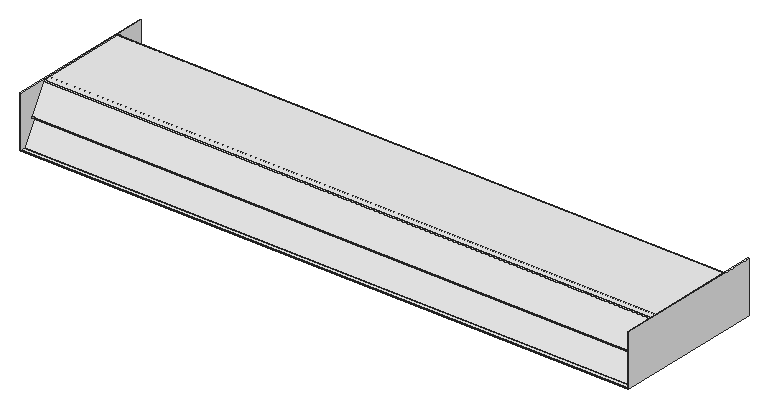
Revit family "RVL1x4", category Lighting Fixtures, host Ceiling, Revit 2019
Family settings
  Host = Ceiling
  Round Connector Dimension = Use Diameter
  Part Type = Normal
  OmniClass Number = 23.80.70.11.14.17
  OmniClass Title = Direct/Indirect
  Always vertical = Yes
  Cut with Voids When Loaded = No
  Light Source = Yes
  Shared = No
  Room Calculation Point = No
Parameters (values of type "RVL1X4-LED840K050LUNV")
  Width = 0' - 11 3/4"
  Wattage = 40.9426 W
  built-in parameter 1150110 = 1 (stored number, unit not read)
  Voltage = 120 V
  URL = "https://www.viscor.com/en/products/bvl"
  built-in parameter 1114217 = 0.9 (stored number, unit not read)
  Tilt Angle = 90.00°
  built-in parameter 1150109 = 1 (stored number, unit not read)
  built-in parameter 1150134 = 12
  built-in parameter 1150113 = 1 (stored number, unit not read)
  Photometric Web File = "RVL1X4-LED840K050LUNV.ies"
  Model = "RVL"  # constant formula
  Manufacturer = "VISIONEERING by VISCOR"  # constant formula
  Lumens = 4995 lm
  built-in parameter 1150115 = 1 (stored number, unit not read)
  built-in parameter 1150105 = 397.49 (stored number, unit not read)
  built-in parameter 1150137 = (empty or 0)
  built-in parameter 1150139 = (empty or 0)
  Lens Finish = Acrylic - Viscor - Frosted White
  Lens Depth = 0' - 0 1/32"
  Length = 3' - 11 3/4"
  Lamp Wattage = 41 VA
  built-in parameter 1150112 = 1 (stored number, unit not read)
  built-in parameter 1150114 = 1 (stored number, unit not read)
  Lamp = "LED"  # constant formula
  built-in parameter 1150132 = 2
  built-in parameter 1150102 = (empty or 0)
  built-in parameter 1150138 = (empty or 0)
  built-in parameter 1150107 = 4000 (stored number, unit not read)
  built-in parameter 1150106 = 3.9749 (stored number, unit not read)
  Housing Finish = Metal - Viscor - White
  Emit from Rectangle Width = Width  # 0' - 11 3/4"
  Emit from Rectangle Length = Length  # 3' - 11 3/4"
  Emit from Rectangle Height = Lens Depth  # 0' - 0 1/32"
  Emit Shape Visible in Rendering = no
  built-in parameter 1150104 = 11.334 (stored number, unit not read)
  Dimming Lamp Color Temperature Shift = <None>
  Description = "Architectural Premium-Grade, Recessed, Lay-In T-Bar Troffer"  # constant formula
  Color Filter = 16777215
  built-in parameter 1114218 = 1 (stored number, unit not read)
  built-in parameter 1150133 = 10 (stored number, unit not read)
  Assembly Code = "D5020200"
  Apparent Load = Lamp Wattage  # 41 VA
Types (5): name | Wattage | URL | Photometric Web File | Lumens | built-in parameter 1150105 | Lamp Wattage | built-in parameter 1150132 | built-in parameter 1150106 | built-in parameter 1150104 | Apparent Load
  (no name) | 40.9426 W | "https://www.viscor.com/en/products/bvl" | "RVL1X4-LED840K050LUNV.ies" | 4995 lm | 397.49 (stored number, unit not read) | 41 VA | 2 | 3.9749 (stored number, unit not read) | 11.334 (stored number, unit not read) | 41 VA
  RVL1X4-LED840K050LUNV | 40.9426 W | "https://www.viscor.com/en/products/bvl" | "RVL1X4-LED840K050LUNV.ies" | 4995 lm | 397.49 (stored number, unit not read) | 41 VA | 2 | 3.9749 (stored number, unit not read) | 11.334 (stored number, unit not read) | 41 VA
  RVL1X4-LED840K025LUNV | 19.9449 W | "https://www.viscor.com/en/products/bvl" | "RVL1X4-LED840K025LUNV.ies" | 2533 lm | 201.57 (stored number, unit not read) | 20 VA | 2 | 2.0157 (stored number, unit not read) | 11.799 (stored number, unit not read) | 20 VA
  RVL1X4-LED840K035LUNV | 28 W | "https://www.viscor.com/en/products/bvl" | "RVL1X4-LED840K035LUNV.ies" | 3528 lm | 280.75 (stored number, unit not read) | 28 VA | (empty or 0) | 2.8075 (stored number, unit not read) | 11.706 (stored number, unit not read) | 28 VA
  RVL1X4-LED840K042LUNV | 33.881 W | "https://www.viscor.com/en/products/revel" | "RVL1X4-LED840K042LUNV.ies" | 4269 lm | 339.72 (stored number, unit not read) | 34 VA | 2 | 3.3972 (stored number, unit not read) | 11.706 (stored number, unit not read) | 34 VA
Reference planes (in)
  plane 1 "Light Source Axis (F/B)": y = 0
  plane 2 "Ceiling": z = 96
  plane 3 "Light Source Axis (L/R)": x = 0
  plane 4 "Light Source Elevation": z = 95.96875
  plane 5: y = 5.875
  plane 6: y = -5.875
  plane 7: x = -23.875
  plane 8: x = 23.875
  plane 9 "Lens Depth": z = 95.96875
  plane 10: x = -23.46875
  plane 11: x = 23.46875
  plane 12: x = -23.40625
  plane 13: x = 23.40625
  plane 14: x = -23.84375
  plane 15: x = 23.84375
Forms (in)
  Extrusion 1, void
    sketch origin (0, 0, 96) x (1, 0, 0) y (0, 1, 0)
      loop
        line (-23.875, -5.875) -> (23.875, -5.875) -> (23.875, 5.875) -> (-23.875, 5.875) -> (-23.875, -5.875)
    from -0.37748 to 4.45884
  Extrusion 2, solid, material "Metal - Viscor - White" <- "Housing Finish"
    sketch origin (0, 0, 0) x (0, 1, 0) y (0, 0, 1)
      loop
        line (5.5358, 95.96875) -> (5.875, 95.96875) -> (5.875, 96) -> (5.5358, 96)
        arc (5.5358, 96) -> (5.52042, 96.00412) -> (5.50917, 96.01537) r 0.03075
        line (5.50917, 96.01537) -> (4.52716, 97.71625)
        arc (4.52716, 97.71625) -> (4.52627, 97.74535) -> (4.55005, 97.76215) r 0.03075
        line (4.55005, 97.76215) -> (4.77079, 97.78925)
        arc (4.77079, 97.78925) -> (4.8251, 97.82763) -> (4.82307, 97.8941) r 0.07025
        line (4.82307, 97.8941) -> (3.65811, 99.91187)
        arc (3.65811, 99.91187) -> (3.6324, 99.93759) -> (3.59727, 99.947) r 0.07025
        line (3.59727, 99.947) -> (-3.59727, 99.947)
        arc (-3.59727, 99.947) -> (-3.6324, 99.93759) -> (-3.65811, 99.91187) r 0.07025
        line (-3.65811, 99.91187) -> (-4.82307, 97.8941)
        arc (-4.82307, 97.8941) -> (-4.8251, 97.82763) -> (-4.77079, 97.78925) r 0.07025
        line (-4.77079, 97.78925) -> (-4.55005, 97.76215)
        arc (-4.55005, 97.76215) -> (-4.52627, 97.74535) -> (-4.52716, 97.71625) r 0.03075
        line (-4.52716, 97.71625) -> (-5.50917, 96.01537)
        arc (-5.50917, 96.01537) -> (-5.52042, 96.00412) -> (-5.5358, 96) r 0.03075
        line (-5.5358, 96) -> (-5.875, 96) -> (-5.875, 95.96875) -> (-5.5358, 95.96875)
        arc (-5.5358, 95.96875) -> (-5.5048, 95.97706) -> (-5.4821, 95.99975) r 0.062
        line (-5.4821, 95.99975) -> (-4.5001, 97.70063)
        arc (-4.5001, 97.70063) -> (-4.49831, 97.75929) -> (-4.54624, 97.79317) r 0.062
        line (-4.54624, 97.79317) -> (-4.76699, 97.82027)
        arc (-4.76699, 97.82027) -> (-4.79713, 97.84158) -> (-4.79601, 97.87848) r 0.039
        line (-4.79601, 97.87848) -> (-3.63105, 99.89625)
        arc (-3.63105, 99.89625) -> (-3.61677, 99.91052) -> (-3.59727, 99.91575) r 0.039
        line (-3.59727, 99.91575) -> (3.59727, 99.91575)
        arc (3.59727, 99.91575) -> (3.61677, 99.91052) -> (3.63105, 99.89625) r 0.039
        line (3.63105, 99.89625) -> (4.79601, 97.87848)
        arc (4.79601, 97.87848) -> (4.79713, 97.84158) -> (4.76699, 97.82027) r 0.039
        line (4.76699, 97.82027) -> (4.54624, 97.79317)
        arc (4.54624, 97.79317) -> (4.49831, 97.75929) -> (4.5001, 97.70063) r 0.062
        line (4.5001, 97.70063) -> (5.4821, 95.99975)
        arc (5.4821, 95.99975) -> (5.5048, 95.97706) -> (5.5358, 95.96875) r 0.062
    from -23.84375 to 23.84375
  Extrusion 3, solid, material "Metal - Viscor - White" <- "Housing Finish"
    sketch origin (0, 0, 0) x (0, 1, 0) y (0, 0, 1)
      loop
        line (5.875, 95.96875) -> (5.875, 99.96875) -> (-5.875, 99.96875) -> (-5.875, 95.96875) -> (5.875, 95.96875)
    from 23.84375 to 23.875
  Extrusion 4, solid, material "Metal - Viscor - White" <- "Housing Finish"
    sketch origin (0, 0, 0) x (0, 1, 0) y (0, 0, -1)
      loop
        line (5.875, -95.96875) -> (-5.875, -95.96875) -> (-5.875, -99.96875) -> (5.875, -99.96875) -> (5.875, -95.96875)
    from 23.84375 to 23.875
  Extrusion 5, solid, material "Metal - Viscor - White" <- "Housing Finish"
    sketch origin (0, 0, 0) x (0, 1, 0) y (0, 0, 1)
      loop
        line (2.55332, 99.91575) -> (1.61632, 99.55607)
        arc (1.61632, 99.55607) -> (1.59394, 99.54126) -> (1.57992, 99.51837) r 0.062
        line (1.57992, 99.51837) -> (0.6875, 96.9266) -> (0.6875, 96.64275) -> (0.71875, 96.64275) -> (0.71875, 96.92137) -> (1.61413, 99.52176) -> (2.55912, 99.8845) -> (3.10759, 99.8845) -> (3.10759, 99.91575) -> (2.55332, 99.91575)
    from -23.84375 to 23.84375
  Extrusion 6, solid, material "Metal - Viscor - White" <- "Housing Finish"
    sketch origin (0, 0, 0) x (0, -1, 0) y (0, 0, -1)
      loop
        line (2.55332, -99.91575) -> (3.10759, -99.91575) -> (3.10759, -99.8845) -> (2.55912, -99.8845) -> (1.61413, -99.52176) -> (0.71875, -96.92137) -> (0.71875, -96.64275) -> (0.6875, -96.64275) -> (0.6875, -96.9266) -> (1.57992, -99.51837)
        arc (1.57992, -99.51837) -> (1.59394, -99.54126) -> (1.61632, -99.55607) r 0.062
        line (1.61632, -99.55607) -> (2.55332, -99.91575)
    from -23.84375 to 23.84375
  Extrusion 7, solid, material "Acrylic - Viscor - Frosted White" <- "Lens Finish"
    sketch origin (0, 0, 0) x (0, 1, 0) y (0, 0, 1)
      loop
        line (4.62603, 97.85013) -> (4.61367, 97.88817) -> (0.75, 96.63279) -> (0.76236, 96.59475) -> (4.62603, 97.85013)
    from -23.84375 to 23.84375
  Extrusion 8, solid, material "Acrylic - Viscor - Frosted White" <- "Lens Finish"
    sketch origin (0, 0, 0) x (0, -1, 0) y (0, 0, -1)
      loop
        line (4.62603, -97.85013) -> (0.76236, -96.59475) -> (0.75, -96.63279) -> (4.61367, -97.88817) -> (4.62603, -97.85013)
    from -23.84375 to 23.84375
  Extrusion 9, solid, material "Metal - Viscor - White" <- "Housing Finish"
    sketch origin (0, 0, 0) x (0, 1, 0) y (0, 0, 1)
      loop
        arc (0.7265, 96.59475) -> (0.69892, 96.60617) -> (0.6875, 96.63375) r 0.039
        line (0.6875, 96.63375) -> (0.6875, 97.07175) -> (0.65625, 97.07175) -> (0.65625, 96.56175) -> (-0.64812, 96.56175) -> (-0.64812, 97.07175) -> (-0.6875, 97.07175) -> (-0.6875, 96.63375)
        arc (-0.6875, 96.63375) -> (-0.69892, 96.60617) -> (-0.7265, 96.59475) r 0.039
        line (-0.7265, 96.59475) -> (-1.089, 96.59475)
        arc (-1.089, 96.59475) -> (-1.117, 96.56675) -> (-1.089, 96.53875) r 0.028
        line (-1.089, 96.53875) -> (1.089, 96.53875)
        arc (1.089, 96.53875) -> (1.117, 96.56675) -> (1.089, 96.59475) r 0.028
        line (1.089, 96.59475) -> (0.7265, 96.59475)
    from -23.84375 to 23.84375
Dimensions and locks (in)
  equal spacing: host sketch curve, plane 3 "Light Source Axis (L/R)", host sketch curve
  equal spacing: host sketch curve, plane 1 "Light Source Axis (F/B)", host sketch curve
  host sketch curve to host sketch curve = 10' - 0"  (x2)
  equal spacing: plane 7, plane 3 "Light Source Axis (L/R)", plane 8
  "Length": plane 7 to plane 8
  equal spacing: plane 5, plane 1 "Light Source Axis (F/B)", plane 6
  "Width": plane 5 to plane 6
  "Emit from Rectangle Height": plane 4 "Light Source Elevation" to plane 2 "Ceiling"
  "Lens Depth": plane 2 "Ceiling" to plane 9 "Lens Depth"
  locked: plane 7 to plane 10 at 0.40625
  locked: plane 11 to plane 8 at 0.40625
  locked: plane 7 to plane 12 at 0.46875
  locked: plane 13 to plane 8 at 0.46875
  locked: plane 14 to plane 7 at 0.03125
  locked: plane 15 to plane 8 at 0.03125
  aligned and locked: plane 3 "Light Source Axis (L/R)" to imposter light
  aligned and locked: plane 1 "Light Source Axis (F/B)" to imposter light
  aligned and locked: plane 4 "Light Source Elevation" to imposter light
  aligned and locked: Extrusion 1 to plane 6
  aligned and locked: plane 5 to Extrusion 1
  aligned and locked: Extrusion 1 to plane 7
  aligned and locked: plane 8 to Extrusion 1
  aligned and locked: plane 15 to Extrusion 2
  aligned and locked: Extrusion 2 to plane 14
  aligned and locked: plane 8 to Extrusion 3
  aligned and locked: Extrusion 3 to plane 15
  aligned and locked: Extrusion 4 to plane 7
  aligned and locked: plane 14 to Extrusion 4
  aligned and locked: Extrusion 5 to plane 14
  aligned and locked: plane 15 to Extrusion 5
  aligned and locked: Extrusion 6 to plane 14
  aligned and locked: plane 15 to Extrusion 6
  aligned and locked: Extrusion 7 to plane 14
  aligned and locked: Extrusion 8 to plane 14
  aligned and locked: plane 15 to Extrusion 7
  aligned and locked: plane 15 to Extrusion 8
  aligned and locked: Extrusion 9 to plane 14
  aligned and locked: plane 15 to Extrusion 9
Automatic sketch dimensions
  Extrusion 1 sketch curve to plane 5 = 0' - 0"
  Extrusion 1 sketch curve to plane 7 = 0' - 0"
  Extrusion 1 sketch curve to plane 8 = 0' - 0"
  Extrusion 1 sketch curve to plane 6 = 0' - 0"
  Extrusion 2 sketch curve to Extrusion 2 sketch curve = 0' - 0"  (x16)
  plane 4 "Light Source Elevation" to Extrusion 2 sketch curve = 0' - 0"  (x2)
  Extrusion 2 sketch curve to plane 6 = 0' - 0"
  Extrusion 2 sketch curve to plane 2 "Ceiling" = 0' - 0"  (x2)
  Extrusion 2 sketch curve to plane 5 = 0' - 0"
  plane 2 "Ceiling" to Extrusion 2 sketch curve = 0' - 0.03075"  (x2)
  plane 6 to Extrusion 2 sketch curve = 0' - 0.3392"
  plane 2 "Ceiling" to Extrusion 2 sketch curve = 0' - 0.01537"  (x2)
  Extrusion 2 sketch curve to plane 2 "Ceiling" = 0' - 0.00025"  (x2)
  plane 6 to Extrusion 2 sketch curve = 0' - 1.05193"
  Extrusion 2 sketch curve to Extrusion 2 sketch curve = 0' - 0.02706"  (x6)
  Extrusion 2 sketch curve to Extrusion 2 sketch curve = 0' - 0.02521"
  Extrusion 2 sketch curve to Extrusion 2 sketch curve = 0' - 0.00381"  (x4)
  Extrusion 2 sketch curve to Extrusion 2 sketch curve = 0' - 0.00475"  (x2)
  Extrusion 2 sketch curve to Extrusion 2 sketch curve = 0' - 0.217"
  Extrusion 2 sketch curve to Extrusion 2 sketch curve = 0' - 0.00375"
  Extrusion 2 sketch curve to Extrusion 2 sketch curve = 0' - 0.02663"  (x2)
  plane 6 to Extrusion 2 sketch curve = 0' - 2.21689"
  Extrusion 2 sketch curve to Extrusion 2 sketch curve = 0' - 0.03377"  (x3)
  Extrusion 2 sketch curve to plane 5 = 0' - 2.27773"
  Extrusion 2 sketch curve to plane 5 = 0' - 1.3749"
  Extrusion 2 sketch curve to Extrusion 2 sketch curve = 0' - 0.01907"
  Extrusion 2 sketch curve to Extrusion 2 sketch curve = 0' - 0.21599"
  Extrusion 2 sketch curve to plane 5 = 0' - 0.3929"
  plane 2 "Ceiling" to Extrusion 2 sketch curve = 0' - 1.70063"  (x2)
  Extrusion 2 sketch curve to Extrusion 2 sketch curve = 0' - 0 1/64"  (x3)
  Extrusion 2 sketch curve to Extrusion 2 sketch curve = 0' - 0.01537"  (x2)
  Extrusion 2 sketch curve to Extrusion 2 sketch curve = 0' - 0.0271"  (x2)
  Extrusion 2 sketch curve to Extrusion 2 sketch curve = 0' - 0.03102"  (x2)
  Extrusion 2 sketch curve to Extrusion 2 sketch curve = 0' - 0.03871"  (x2)
  Extrusion 2 sketch curve to Extrusion 2 sketch curve = 0' - 2.08358"  (x2)
  Extrusion 2 sketch curve to Extrusion 2 sketch curve = 0' - 0.0195"
  plane 4 "Light Source Elevation" to Extrusion 3 sketch curve = 0' - 0"
  Extrusion 3 sketch curve to plane 6 = 0' - 0"
  Extrusion 3 sketch curve to plane 5 = 0' - 0"
  plane 2 "Ceiling" to Extrusion 3 sketch curve = 0' - 3 31/32"
  plane 4 "Light Source Elevation" to Extrusion 4 sketch curve = 0' - 0"
  Extrusion 4 sketch curve to plane 6 = 0' - 0"
  Extrusion 4 sketch curve to plane 5 = 0' - 0"
  plane 2 "Ceiling" to Extrusion 4 sketch curve = 0' - 3 31/32"
  Extrusion 5 sketch curve to plane 1 "Light Source Axis (F/B)" = 0' - 0 11/16"
  Extrusion 5 sketch curve to Extrusion 5 sketch curve = 0' - 0 1/32"  (x2)
  Extrusion 5 sketch curve to plane 1 "Light Source Axis (F/B)" = 0' - 1.57992"
  Extrusion 5 sketch curve to Extrusion 5 sketch curve = 0' - 0.03422"
  Extrusion 5 sketch curve to Extrusion 5 sketch curve = 0' - 0.00219"
  Extrusion 5 sketch curve to Extrusion 5 sketch curve = 0' - 0.02441"
  Extrusion 5 sketch curve to Extrusion 5 sketch curve = 0' - 0.937"
  Extrusion 5 sketch curve to Extrusion 5 sketch curve = 0' - 0.00579"
  Extrusion 5 sketch curve to Extrusion 5 sketch curve = 0' - 0.54847"
  plane 2 "Ceiling" to Extrusion 5 sketch curve = 0' - 0.64275"
  Extrusion 5 sketch curve to Extrusion 5 sketch curve = 0' - 0.27862"
  Extrusion 5 sketch curve to Extrusion 5 sketch curve = 0' - 0.00523"
  Extrusion 5 sketch curve to Extrusion 5 sketch curve = 0' - 2.57682"
  Extrusion 5 sketch curve to Extrusion 5 sketch curve = 0' - 0.02019"
  Extrusion 5 sketch curve to Extrusion 5 sketch curve = 0' - 0.02357"
  Extrusion 5 sketch curve to Extrusion 5 sketch curve = 0' - 0.38631"
  Extrusion 6 sketch curve to plane 1 "Light Source Axis (F/B)" = 0' - 0 11/16"
  Extrusion 6 sketch curve to Extrusion 6 sketch curve = 0' - 0 1/32"  (x2)
  Extrusion 6 sketch curve to plane 1 "Light Source Axis (F/B)" = 0' - 1.57992"
  Extrusion 6 sketch curve to Extrusion 6 sketch curve = 0' - 0.03422"
  Extrusion 6 sketch curve to Extrusion 6 sketch curve = 0' - 0.00219"
  Extrusion 6 sketch curve to Extrusion 6 sketch curve = 0' - 0.02441"
  Extrusion 6 sketch curve to Extrusion 6 sketch curve = 0' - 0.937"
  Extrusion 6 sketch curve to Extrusion 6 sketch curve = 0' - 0.00579"
  Extrusion 6 sketch curve to Extrusion 6 sketch curve = 0' - 0.54847"
  Extrusion 6 sketch curve to plane 2 "Ceiling" = 0' - 0.64275"
  Extrusion 6 sketch curve to Extrusion 6 sketch curve = 0' - 0.27862"
  Extrusion 6 sketch curve to Extrusion 6 sketch curve = 0' - 0.00523"
  Extrusion 6 sketch curve to Extrusion 6 sketch curve = 0' - 2.57682"
  Extrusion 6 sketch curve to Extrusion 6 sketch curve = 0' - 0.02019"
  Extrusion 6 sketch curve to Extrusion 6 sketch curve = 0' - 0.02357"
  Extrusion 6 sketch curve to Extrusion 6 sketch curve = 0' - 0.38631"
  Extrusion 7 sketch curve to plane 1 "Light Source Axis (F/B)" = 0' - 0 3/4"
  plane 2 "Ceiling" to Extrusion 7 sketch curve = 0' - 0.59475"
  Extrusion 7 sketch curve to Extrusion 7 sketch curve = 0' - 0.01236"
  Extrusion 8 sketch curve to plane 1 "Light Source Axis (F/B)" = 0' - 0 3/4"
  Extrusion 8 sketch curve to plane 2 "Ceiling" = 0' - 0.59475"
  Extrusion 8 sketch curve to Extrusion 8 sketch curve = 0' - 0.01236"
  Extrusion 8 sketch curve to plane 6 = 0' - 1.26133"
  Extrusion 8 sketch curve to Extrusion 8 sketch curve = 0' - 0.03804"
  plane 2 "Ceiling" to Extrusion 9 sketch curve = 0' - 0.53875"
  plane 1 "Light Source Axis (F/B)" to Extrusion 9 sketch curve = 0' - 1.089"
  Extrusion 9 sketch curve to Extrusion 9 sketch curve = 0' - 0.3625"  (x2)
  Extrusion 9 sketch curve to Extrusion 9 sketch curve = 0' - 0.039"  (x2)
  Extrusion 9 sketch curve to Extrusion 9 sketch curve = 0' - 0.03938"
  Extrusion 9 sketch curve to plane 1 "Light Source Axis (F/B)" = 0' - 0 21/32"
  Extrusion 9 sketch curve to Extrusion 9 sketch curve = 0' - 0 1/32"
  Extrusion 9 sketch curve to Extrusion 9 sketch curve = 0' - 0.023"
  Extrusion 9 sketch curve to Extrusion 9 sketch curve = 0' - 0.028"  (x2)
  Extrusion 9 sketch curve to Extrusion 9 sketch curve = 0' - 0.438"  (x2)
  Extrusion 7 sketch curve to plane 5 = 0' - 1.26133"
  Extrusion 7 sketch curve to Extrusion 7 sketch curve = 0' - 0.03804"
Connectors (in)
  electrical at (0, 0, 96), driven by "Voltage", driven by "Apparent Load"
    settings: index 1, voltage 120 V, apparent load 0 VA, apparent load phase1 41 VA, apparent load phase2 0 VA, apparent load phase3 0 VA, power factor 1, load classification "Other", number of poles 1, system type 31, power factor state 1, is connector primary yes, connector utility no, sub classification motor no, connector description ""
